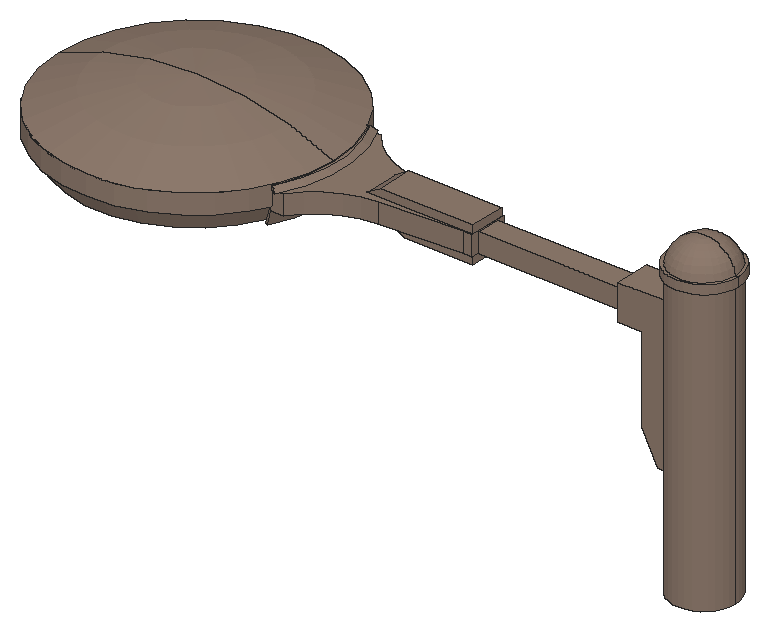
Revit family "LA633-PA", category Generic Models, Revit 2014
Parameters
  GLASS = Glass
  ARM = Bronze, Architectural
Reference planes (in)
  plane 1 "Center (Front/Back)": y = 0
  plane 2: z = 0
  plane 3 "Center (Left/Right)": x = 0
Forms (in)
  Extrusion 1, solid, material "Bronze, Architectural" <- "ARM"
    sketch origin (0, 38.86475, 28.46374) x (0, -1, 0) y (1, 0, 0)
      loop
        line (40.0959, -13.63532) -> (37.6336, -13.63532) -> (37.6336, -14.21251) -> (37.30991, -19.31715)
        arc (37.30991, -19.31715) -> (36.64515, -21.62635) -> (35.0711, -23.44201) r 5.58123
        line (35.0711, -23.44201) -> (35.0711, -24.26409)
        arc (35.0711, -24.26409) -> (38.86475, -23.27103) -> (42.6584, -24.26409) r 7.74273
        line (42.6584, -24.26409) -> (42.6584, -23.44201)
        arc (42.6584, -23.44201) -> (41.08435, -21.62635) -> (40.41959, -19.31715) r 5.58123
        line (40.41959, -19.31715) -> (40.0959, -14.21251) -> (40.0959, -13.63532)
    from -13.80679 to -12.55679
  Extrusion 2, solid, material "Bronze, Architectural" <- "ARM"
    sketch origin (0, 0, 0) x (1, 0, 0) y (0, 0, 1)
      loop
        line (-13.66725, 15.90695) -> (-13.66725, 16.40695) -> (-19.49582, 16.40695) -> (-20.37082, 15.90695) -> (-13.66725, 15.90695)
      loop
        line (-13.66725, 14.65695) -> (-18.87082, 14.65695) -> (-17.99582, 14.15695) -> (-13.66725, 14.15695) -> (-13.66725, 14.65695)
    from -1.125 to 1.125
  Revolve 3, solid, material "Bronze, Architectural" <- "ARM"
    sketch origin (0, 0, 0) x (1, 0, 0) y (0, 0, 1)
      loop
        arc (-31.99975, 17.99123) -> (-36.4397, 17.53395) -> (-40.6851, 16.15593) r 21.17013
        line (-40.6851, 16.15593) -> (-40.6851, 14.90593) -> (-40.54399, 14.90593) -> (-39.72253, 13.65761) -> (-39.42325, 13.65761) -> (-40.4351, 15.19524) -> (-40.4351, 15.993)
        arc (-40.4351, 15.993) -> (-36.30839, 17.30601) -> (-31.99975, 17.74123) r 20.92013
        line (-31.99975, 17.74123) -> (-31.99975, 17.99123)
      axis (-31.99975, 17.99123) -> (-31.99975, 13.65761)
    angle from 0 to 360
  Revolve 4, solid, material "Bronze, Architectural" <- "ARM"
    sketch origin (-0.00344, 0, 0) x (1, 0, 0) y (0, 0, 1)
      loop
        arc (2.00011, 18.56249) -> (1.29845, 19.71663) -> (0.01284, 20.13085) r 1.93546
        line (0.01284, 20.13085) -> (0.01284, 19.88056)
        arc (0.01284, 19.88056) -> (1.1303, 19.53076) -> (1.7502, 18.53739) r 1.68546
        line (1.7502, 18.53739) -> (1.7502, 0) -> (2.0002, 0) -> (2.0002, 18.00047) -> (2.18811, 18.00047) -> (2.18811, 18.56249) -> (2.00011, 18.56249)
      axis (0, 20.13085) -> (0, 0)
    angle from 0 to 360
  Extrusion 5, solid, material "Bronze, Architectural" <- "ARM"
    sketch origin (-0.00344, 0, 0) x (1, 0, 0) y (0, 0, 1)
      loop
        line (-1.65339, 16.37513) -> (-4.49969, 16.37513) -> (-4.49969, 14.12523) -> (-2.99958, 14.12523) -> (-2.99958, 8.73134) -> (-2.00265, 6.75013) -> (-1.65339, 6.75013) -> (-1.65339, 16.37513)
    from -1.125 to 1.125
  Extrusion 6, solid, material "Bronze, Architectural" <- "ARM"
    sketch origin (-0.00344, 0, 0) x (1, 0, 0) y (0, 0, 1)
      loop
        line (-4.49969, 14.62523) -> (-4.49969, 15.87523) -> (-14.98916, 15.87523) -> (-14.98916, 14.62523) -> (-4.49969, 14.62523)
    from -0.75 to 0.75
  Extrusion 7, solid, material "Bronze, Architectural" <- "ARM"
    sketch origin (0, 0, 0) x (1, 0, 0) y (0, 0, 1)
      loop
        line (-20.61304, 14.65695) -> (-21.74057, 14.65695)
        arc (-21.74057, 14.65695) -> (-21.49783, 14.24161) -> (-21.04606, 14.40695) r 0.375
        arc (-21.04606, 14.40695) -> (-20.86304, 14.58996) -> (-20.61304, 14.65695) r 0.5
    from -0.5 to 0.5
  Extrusion 8, solid, material "Bronze, Architectural" <- "ARM"
    sketch origin (0, 0, 0) x (1, 0, 0) y (0, 0, 1)
      loop
        line (-23.2513, 14.65695) -> (-23.69471, 13.65761) -> (-23.19032, 13.65761) -> (-23.01047, 14.21945) -> (-21.37082, 14.21945)
        arc (-21.37082, 14.21945) -> (-21.65723, 14.35239) -> (-21.74057, 14.65695) r 0.375
        line (-21.74057, 14.65695) -> (-23.2513, 14.65695)
    from -0.125 to 0.125
  Sweep 9, solid, material "Bronze, Architectural" <- "ARM"
    path in 3D
      loop
        arc (-24.26409, -3.79365, 15.90695) -> (-23.27103, 0, 15.90695) -> (-24.26409, 3.79365, 15.90695) r 7.74273
    profile origin (-23.27103, 0, 15.90695) x (-1, 0, 0) y (0, 0, 1)
      loop
        line (-0.52045, 0) -> (0.04385, 0) -> (0.04385, 0.25) -> (-0.17636, 0.25) -> (-0.52045, 0)
  Sweep 10, solid, material "Bronze, Architectural" <- "ARM"
    path in 3D
      loop
        arc (-24.26409, 3.79365, 14.65695) -> (-23.27103, 0, 14.65695) -> (-24.26409, -3.79365, 14.65695) r 7.74273
    profile origin (-23.27103, 0, 14.65695) x (-1, 0, 0) y (0, 0, -1)
      loop
        line (-0.01973, 0) -> (0.20291, 0) -> (0.64632, 0.99933) -> (0.42368, 0.99933) -> (-0.01973, 0)
  Revolve 11, solid, material "Glass" <- "GLASS"
    sketch origin (0, 0, 0) x (1, 0, 0) y (0, 0, 1)
      loop
        line (-31.99975, 13.78261) -> (-31.99975, 13.90761) -> (-39.59906, 13.90761) -> (-39.59906, 13.78261) -> (-31.99975, 13.78261)
      axis (-31.99975, 13.78261) -> (-31.99975, 13.90761)
    angle from 0 to 360
Lines and regions (in)
  sketch lines
    curve 1: arc (-24.26409, -3.79365, 15.90695) -> (-23.27103, 0, 15.90695) -> (-24.26409, 3.79365, 15.90695) r 7.74273
    curve 2: arc (-24.26409, 3.79365, 14.65695) -> (-23.27103, 0, 14.65695) -> (-24.26409, -3.79365, 14.65695) r 7.74273
Dimensions and locks (in)
  aligned and locked: plane 2 to level
